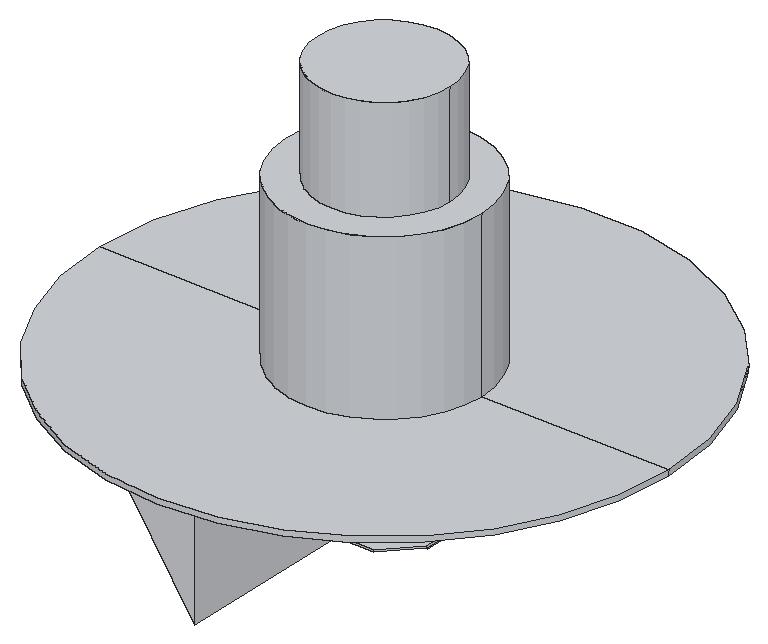
Revit family "XLEHC", category Sprinklers, Revit 2016
Family settings
  Maintain Annotation Orientation = No
  Part Type = Normal
  Round Connector Dimension = Use Diameter
  OmniClass Number = 23.85.30.21
  OmniClass Title = Environmental Detection/Registration
  Work Plane-Based = No
  Always vertical = Yes
  Cut with Voids When Loaded = No
  Shared = No
  Room Calculation Point = No
Parameters (values of type "RASCO XL INST EC HSW")
  Temperature Rating = 165 °F
  Response = Quick
  RASCO SIN # = "R1364"
  RASCO Part # = "XLEHC"
  Pressure Rating = "21.6"
  Pressure Class = Standard
  Orifice Size = 7/16"
  Orifice = Standard
  Model = "XL INST EC HSW"
  Manufacturer = "RASCO"
  K-Factor = 5.6
  Diameter = 5 5/128"
  Description = "CHROME FINISH"
  Coverage = Extended
Reference planes (in)
  plane 1 "Center (Front/Back)": y = 0
  plane 2: z = 0
  plane 3 "Center (Left/Right)": x = 0
Nested families (in)
  nested 1: "RASCO- XLEHC" at (0, 1.12168, 0), type "RASCO XL INSTITUTIONAL"
Connectors (in)
  piping at (0, 1.12168, 2.509), diameter 0.8125
    settings: on nested 1, index 1, connector inside diameter 24", connector length 0' - 0", flow factor 0, pipe flow 0 GPM, pressure drop 0.00 psi, fitting loss kfactor 0, connector angle 0.00°, fixture units 0, engagement length 0' - 0", angle of deflection 0.00°, flow configuration 0, flow direction 0, fitting loss method 0, system type 7, joint type 0, gender type 0, connector reference index -1, connector utility 0, adjustable connector no, is connector primary yes, connector description ""
Definition of nested family "RASCO- XLEHC"
  Parameters (values of type "RASCO XL INSTITUTIONAL")
    Type Comments = ""
    Temperature Rating = 0 °F
    Response = (empty or 0)
    Pressure Rating = "0"
    Pressure Class = (empty or 0)
    Orifice Size = 0"
    Orifice = (empty or 0)
    Model = ""
    Manufacturer = ""
    K-Factor = 0
    Coverage = (empty or 0)
    Assembly Code = ""
  Reference planes (in)
    plane 1 "Center (Front/Back)": y = 0
    plane 2: z = 0
    plane 3 "Center (Left/Right)": x = 0
    plane 4 "ref.2": z = 0.873
    plane 5 "ref.3": z = 1.878
    plane 6 "ref. 4": z = 0.294
    plane 7: z = 0.166
    plane 8: z = 0.363
    plane 9 "ref. 5": z = 0.06291
  Forms (in)
    Extrusion 1, solid
      sketch origin (0, 0, 0.873) x (-1, 0, 0) y (0, -1, 0)
        loop
          circle (0, 0) r 0.598
      from 0 to 1.005
    Extrusion 2, solid
      sketch origin (0, 0, 1.75079) x (-1, 0, 0) y (0, -1, 0)
        loop
          circle (0, 0) r 0.405
      from 0.12721 to 0.75821
    Revolve 3, solid
      sketch origin (0, 0, 0.363) x (1, 0, 0) y (0, 0, 1)
        loop
          line (0, 0.51) -> (-1.75, 0.51) -> (-1.75, 0.475) -> (-0.628, 0) -> (0, 0) -> (0, 0.51)
        axis (0, 0.51) -> (0, 0)
      angle from 0 to 360
    Extrusion 4, solid
      sketch origin (0, 0, 0.294) x (0, -1, 0) y (1, 0, 0)
        loop
          circle (0, 0) r 0.614
      from 0.069 to 0
    Revolve 5, solid
      sketch origin (0, 0, 0) x (1, 0, 0) y (0, 0, 1)
        loop
          line (-0.5, 0.294) -> (-0.20877, 0.166) -> (0, 0.166) -> (0, 0.294) -> (-0.5, 0.294)
        axis (0, 0.294) -> (0, 0.166)
      angle from 0 to 360
    Extrusion 6, solid
      sketch origin (0, 0, 0) x (1, 0, 0) y (0, 0, 1)
        loop
          line (-0.34833, 0.24105) -> (-0.37436, 0.19597)
          arc (-0.37436, 0.19597) -> (-0.38219, 0.17257) -> (-0.38025, 0.14797) r 0.06189
          line (-0.38025, 0.14797) -> (-0.35586, 0.06291) -> (-0.39443, 0.0359) -> (-0.35853, 0) -> (-0.31379, 0.03133)
          arc (-0.31379, 0.03133) -> (-0.3038, 0.04447) -> (-0.30329, 0.06097) r 0.02708
          line (-0.30329, 0.06097) -> (-0.32899, 0.15061)
          arc (-0.32899, 0.15061) -> (-0.33022, 0.16619) -> (-0.32526, 0.18101) r 0.03919
          line (-0.32526, 0.18101) -> (-0.30503, 0.21605) -> (-0.34833, 0.24105)
        loop
          line (0.34833, 0.24105) -> (0.30503, 0.21605) -> (0.32526, 0.18101)
          arc (0.32526, 0.18101) -> (0.33022, 0.16619) -> (0.32899, 0.15061) r 0.03919
          line (0.32899, 0.15061) -> (0.30329, 0.06097)
          arc (0.30329, 0.06097) -> (0.3038, 0.04447) -> (0.31379, 0.03133) r 0.02708
          line (0.31379, 0.03133) -> (0.35853, 0) -> (0.39443, 0.0359) -> (0.35586, 0.06291) -> (0.38025, 0.14797)
          arc (0.38025, 0.14797) -> (0.38219, 0.17257) -> (0.37436, 0.19597) r 0.06189
          line (0.37436, 0.19597) -> (0.34833, 0.24105)
      from -0.11113 to 0.11041
    Extrusion 7, solid
      sketch origin (-0.0518, -0.12961, 0.06291) x (-1, 0, 0) y (0, -1, 0)
        loop
          line (0.19208, -0.51961) -> (0.3692, -0.32259) -> (0.3692, 0.06101) -> (0.18997, 0.26039) -> (-0.29859, 0.26039) -> (-0.4728, 0.06659) -> (-0.4728, -0.32111) -> (-0.29435, -0.51961) -> (0.19208, -0.51961)
      from 0 to 0.012
    Extrusion 8, solid
      sketch origin (0, 0, 0) x (1, 0, 0) y (0, 0, 1)
        loop
          line (-0.66, 0.363) -> (-0.66, 0.838) -> (-1.59355, 0.838) -> (-0.66, -0.54605) -> (-0.66, 0.363)
      from -0.635 to 0.635
